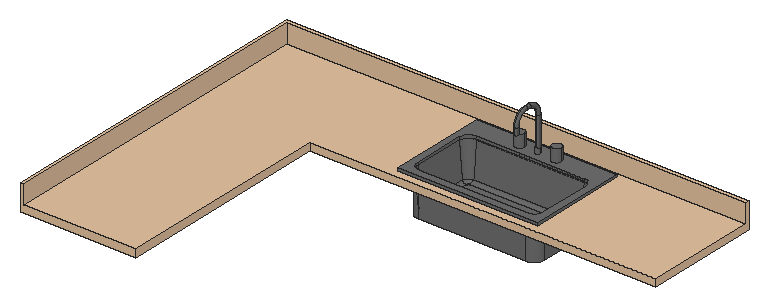
Revit family "M_Topo da bancada-Forma L com pia", category Componentes de gabinete, Revit 2019
Family settings
  Número OmniClass = 23.40.35.17.47.11
  Título OmniClass = Kitchen Casework
  ID de item do Seek = Counter Top-L Shaped w Sink-0000-CAN-ENU
  Com base no plano de trabalho = Não
  Sempre na vertical = Sim
  Corte com vazios quando carregada = Não
  Compartilhado = Sim
  Ponto de cálculo do ambiente = Não
Parameters (values of type "Profundidade 600 mm")
  Espessura da bancada = 40 mm
  Material do topo da bancada = none
  Linear = 625 mm
  Altura = 900 mm
  Comprimento - Perna 1 [instance] = 2500 mm
  Comprimento- Perna 2 [instance] = 1800 mm
  Localização da pia [instance] = 1100 mm
  Localização da pia em relação a parede [instance] = 160 mm
  Profundidade de abertura da pia [instance] = 380 mm
  Largura da abertura da pia [instance] = 690 mm
Reference planes
  plane 1 "Parte posterior": y = 0
  plane 2: z = 0
  plane 3 "Esquerda": x = -1200.462
  plane 4 "Direita": x = 1299.538
  plane 5 "Parte frontal": y = -625
  plane 6 "Superior": z = 900
  plane 7 "Topo do armário": z = 860
  plane 8: y = -19.05
  plane 9: z = 1001.6
  plane 10: x = -575.462
  plane 11: y = -1800
  plane 12: x = -1181.412
  plane 13: x = -100.462
  plane 14: x = 589.538
  plane 15: y = -160
  plane 16: y = -540
  plane 17: x = -100.462
  plane 18: x = 589.538
  plane 19: x = 244.538
Forms (mm)
  Extrusion 1, solid, material <- "Material do topo da bancada"
    sketch origin (0, 0, 0) x (1, 0, 0) y (0, 1, 0)
      loop
        line (-1200.462, 0) -> (-1200.462, -1800) -> (-575.462, -1800) -> (-575.462, -625) -> (1299.538, -625) -> (1299.538, 0) -> (-1200.462, 0)
      loop
        arc (-50.462, -160) -> (-85.818, -174.645) -> (-100.462, -210) r 50
        line (-100.462, -210) -> (-100.462, -490)
        arc (-100.462, -490) -> (-85.818, -525.355) -> (-50.462, -540) r 50
        line (-50.462, -540) -> (539.538, -540)
        arc (539.538, -540) -> (574.893, -525.355) -> (589.538, -490) r 50
        line (589.538, -490) -> (589.538, -210)
        arc (589.538, -210) -> (574.893, -174.645) -> (539.538, -160) r 50
        line (539.538, -160) -> (-50.462, -160)
    from 860 to 900
  Extrusion 2, solid, material <- "Material do topo da bancada"
    sketch origin (0, 0, 0) x (1, 0, 0) y (0, 1, 0)
      loop
        line (1299.538, 0) -> (-1200.462, 0) -> (-1200.462, -19.05) -> (1299.538, -19.05) -> (1299.538, 0)
    from 900 to 1001.6
  Extrusion 3, solid, material <- "Material do topo da bancada"
    sketch origin (0, 0, 0) x (1, 0, 0) y (0, 1, 0)
      loop
        line (-1200.462, -19.05) -> (-1200.462, -1800) -> (-1181.412, -1800) -> (-1181.412, -19.05) -> (-1200.462, -19.05)
    from 900 to 1001.6
Cuts and joins
  joined: Extrusion 1, Extrusion 2, Extrusion 3
Lines and regions (mm)
  Masking region 1
    outline origin (0, 0, 860) x (0, -1, 0) y (1, 0, 0)
      loop
        line (0, -1200.462) -> (1800, -1200.462) -> (1800, -575.462) -> (625, -575.462) -> (625, 1299.538) -> (0, 1299.538) -> (0, -1200.462)
  symbolic lines, style "Topo da bancada"
    curve 1: line (-1181.412, -19.05, 860) -> (1299.538, -19.05, 860)
    curve 2: line (-1181.412, -1800, 860) -> (-1181.412, -19.05, 860)
  symbolic lines, style "Abertura da pia"
    curve 3: line (-50.462, -160, 860) -> (539.538, -160, 860)
    curve 4: line (589.538, -210, 860) -> (589.538, -490, 860)
    curve 5: line (539.538, -540, 860) -> (-50.462, -540, 860)
    curve 6: line (-100.462, -490, 860) -> (-100.462, -210, 860)
    curve 7: arc (-100.462, -210, 860) -> (-85.818, -174.645, 860) -> (-50.462, -160, 860) r 50
    curve 8: arc (539.538, -160, 860) -> (574.893, -174.645, 860) -> (589.538, -210, 860) r 50
    curve 9: arc (589.538, -490, 860) -> (574.893, -525.355, 860) -> (539.538, -540, 860) r 50
    curve 10: arc (-50.462, -540, 860) -> (-85.818, -525.355, 860) -> (-100.462, -490, 860) r 50
Dimensions and locks
  "Linear": plane 5 "Parte frontal" to plane 1 "Parte posterior"
  "Comprimento - Perna 1": plane 3 "Esquerda" to plane 4 "Direita"
  "Altura": level to plane 6 "Superior"
  "Espessura da bancada": plane 7 "Topo do armário" to plane 6 "Superior"
  locked: plane 8 to plane 1 "Parte posterior" at 19.05
  plane 6 "Superior" to plane 9 = 101.6 mm
  "Linear": plane 3 "Esquerda" to plane 10
  "Comprimento- Perna 2": plane 11 to plane 1 "Parte posterior"
  locked: plane 3 "Esquerda" to plane 12 at 19.05
  "Localização da pia": plane 3 "Esquerda" to plane 13
  "Largura da abertura da pia": plane 13 to plane 14
  "Localização da pia em relação a parede": plane 15 to plane 1 "Parte posterior"
  "Profundidade de abertura da pia": plane 16 to plane 15
  "Localização da pia": plane 3 "Esquerda" to plane 17
  "Largura da abertura da pia": plane 17 to plane 18
  equal spacing: plane 17, plane 19, plane 18
  aligned and locked: plane 1 "Parte posterior" to Extrusion 1 sketch curve
  aligned and locked: plane 4 "Direita" to Extrusion 1 sketch curve
  aligned and locked: Extrusion 1 sketch curve to plane 5 "Parte frontal"
  aligned and locked: Extrusion 1 sketch curve to plane 3 "Esquerda"
  aligned and locked: plane 6 "Superior" to Extrusion 1
  aligned and locked: Extrusion 1 to plane 7 "Topo do armário"
  aligned and locked: Extrusion 2 sketch curve to plane 1 "Parte posterior"
  aligned and locked: plane 8 to Extrusion 2 sketch curve
  aligned and locked: Extrusion 2 sketch curve to plane 4 "Direita"
  aligned and locked: plane 3 "Esquerda" to Extrusion 2 sketch curve
  aligned and locked: Extrusion 2 to plane 9
  aligned and locked: Extrusion 2 to plane 6 "Superior"
  aligned and locked: plane 10 to Extrusion 1 sketch curve
  aligned and locked: plane 11 to Extrusion 1 sketch curve
  aligned and locked: plane 12 to Extrusion 3 sketch curve
  aligned and locked: Extrusion 3 to plane 8
  aligned and locked: plane 3 "Esquerda" to Extrusion 3
  aligned and locked: Extrusion 3 to plane 9
  aligned and locked: Extrusion 3 to plane 6 "Superior"
  aligned and locked: plane 14 to Extrusion 1 sketch curve
  aligned and locked: Extrusion 1 sketch curve to plane 13
  aligned and locked: plane 15 to Extrusion 1 sketch curve
  aligned and locked: Extrusion 1 sketch curve to plane 16
  aligned and locked: plane 19 to nested 1
  aligned and locked: nested 1 to cut or joined group of Extrusion 1, Extrusion 2, Extrusion 3
  aligned and locked: nested 1 to plane 6 "Superior"
  aligned and locked: plane 1 "Parte posterior" to Masking region 1 sketch curve
  aligned and locked: plane 4 "Direita" to Masking region 1 sketch curve
  aligned and locked: Masking region 1 sketch curve to plane 3 "Esquerda"
  aligned and locked: plane 5 "Parte frontal" to Masking region 1 sketch curve
  aligned and locked: Masking region 1 sketch curve to plane 10
Automatic sketch dimensions
  plane 3 "Esquerda" to Extrusion 3 sketch curve = 0 mm
  plane 11 to Extrusion 3 sketch curve = 0 mm
  plane 1 "Parte posterior" to Extrusion 3 sketch curve = 19.05 mm
  Extrusion 1 sketch curve to plane 13 = 50 mm  (x2)
  Extrusion 1 sketch curve to Extrusion 1 sketch curve = 50 mm
  plane 14 to Extrusion 1 sketch curve = 50 mm
  curve 1 to plane 4 "Direita" = 0 mm
  curve 1 to plane 8 = 0 mm
  curve 2 to plane 11 = 0 mm
  curve 1 to plane 3 "Esquerda" = 19.05 mm
  curve 7 to plane 17 = 0 mm
  curve 9 to plane 18 = 0 mm
  plane 18 to curve 8 = 50 mm
  plane 8 to curve 8 = 140.95 mm
  curve 3 to curve 7 = 50 mm
  curve 6 to plane 5 "Parte frontal" = 135 mm
  plane 18 to curve 9 = 50 mm
  curve 10 to curve 5 = 50 mm
  Masking region 1 sketch curve to plane 11 = 0 mm
Nested families
  nested 1: "M_Pia da cozinha-Simples" at (228.848, -315.545, 0), type "760 x 535mm"
    with Altura do balcão 900 mm, Linear 535 mm, Largura 760 mm
Definition of nested family "M_Pia da cozinha-Simples"
  Parameters
    Altura do balcão [instance] = 900 mm
    Linear = 600 mm
    Material hidráulico = none
    Material da pia = none
    Largura = 900 mm
  Reference planes
    plane 1 "Centro (Frente/Trás)": y = 2.345
    plane 2: z = 0
    plane 3 "Centro (Esquerda/Direita)": x = 15.689
    plane 4: y = 302.345
    plane 5: y = -297.655
    plane 6: x = -434.311
    plane 7: x = 465.689
    plane 8 "Topo do balcão": z = 900
    plane 9: z = 912.7
    plane 10: z = 684.1
    plane 11: y = 188.045
    plane 12: x = -396.211
    plane 13: y = -259.555
    plane 14: x = 427.589
    plane 15: x = -84.311
    plane 16: x = 115.689
    plane 17: y = 245.195
    plane 18: y = 245.195
    plane 19: y = 245.195
    plane 20: z = 1163.525
    plane 21: y = 95.97
    plane 22: z = 976.2
    plane 23: z = 938.1
  Forms (mm)
    Extrusion 1, solid, material <- "Material da pia"
      sketch origin (0, 0, 0) x (1, 0, 0) y (0, 1, 0)
        loop
          line (-434.311, 302.345) -> (-434.311, -297.655) -> (465.689, -297.655) -> (465.689, 302.345) -> (-434.311, 302.345)
        loop
          arc (-345.411, 188.045) -> (-381.332, 173.166) -> (-396.211, 137.245) r 50.8
          line (-396.211, 137.245) -> (-396.211, -208.755)
          arc (-396.211, -208.755) -> (-381.332, -244.676) -> (-345.411, -259.555) r 50.8
          line (-345.411, -259.555) -> (376.789, -259.555)
          arc (376.789, -259.555) -> (412.71, -244.676) -> (427.589, -208.755) r 50.8
          line (427.589, -208.755) -> (427.589, 137.245)
          arc (427.589, 137.245) -> (412.71, 173.166) -> (376.789, 188.045) r 50.8
          line (376.789, 188.045) -> (-345.411, 188.045)
      from 900 to 912.7
    Sweep 2, solid, material <- "Material da pia"
      path origin (0, 0, 0) x (1, 0, 0) y (0, 1, 0)
        loop
          arc (-345.411, 188.045) -> (-381.332, 173.166) -> (-396.211, 137.245) r 50.8
          line (-396.211, 137.245) -> (-396.211, -208.755)
          arc (-396.211, -208.755) -> (-381.332, -244.676) -> (-345.411, -259.555) r 50.8
          line (-345.411, -259.555) -> (376.789, -259.555)
          arc (376.789, -259.555) -> (412.71, -244.676) -> (427.589, -208.755) r 50.8
          line (427.589, -208.755) -> (427.589, 137.245)
          arc (427.589, 137.245) -> (412.71, 173.166) -> (376.789, 188.045) r 50.8
          line (376.789, 188.045) -> (-345.411, 188.045)
      profile origin (15.689, 0, 0) x (0, 1, 0) y (0, 0, 1)
        loop
          line (188.045, 900) -> (171.511, 711.015)
          arc (171.511, 711.015) -> (165.404, 698.63) -> (152.534, 693.625) r 19.05
          line (152.534, 693.625) -> (149.945, 693.625) -> (149.945, 684.1) -> (194.395, 684.1) -> (194.395, 900) -> (188.045, 900)
    Extrusion 3, solid, material <- "Material da pia"
      sketch origin (0, 0, 0) x (1, 0, 0) y (0, 1, 0)
        loop
          arc (-345.411, 149.945) -> (-354.391, 146.226) -> (-358.111, 137.245) r 12.7
          line (-358.111, 137.245) -> (-358.111, -208.755)
          arc (-358.111, -208.755) -> (-354.391, -217.735) -> (-345.411, -221.455) r 12.7
          line (-345.411, -221.455) -> (376.789, -221.455)
          arc (376.789, -221.455) -> (385.769, -217.735) -> (389.489, -208.755) r 12.7
          line (389.489, -208.755) -> (389.489, 137.245)
          arc (389.489, 137.245) -> (385.769, 146.226) -> (376.789, 149.945) r 12.7
          line (376.789, 149.945) -> (-345.411, 149.945)
        loop
          circle (15.689, 0) r 25.4
      from 684.1 to 693.625
    Extrusion 4, solid, material <- "Material hidráulico"
      sketch origin (0, 0, 0) x (1, 0, 0) y (0, 1, 0)
        loop
          circle (-84.311, 245.195) r 25.4
        loop
          circle (115.689, 245.195) r 25.4
      from 912.7 to 976.2
    Sweep 5, solid, material <- "Material hidráulico"
      path origin (15.689, 0, 0) x (0, 1, 0) y (0, 0, 1)
        loop
          line (245.195, 912.7) -> (245.195, 1100.025)
          arc (245.195, 1100.025) -> (226.597, 1144.926) -> (181.695, 1163.525) r 63.5
          line (181.695, 1163.525) -> (159.47, 1163.525)
          arc (159.47, 1163.525) -> (114.569, 1144.926) -> (95.97, 1100.025) r 63.5
          line (95.97, 1100.025) -> (95.97, 1065.1)
      profile origin (15.689, 0, 1006.363) x (0, -1, 0) y (1, 0, 0)
        loop
          circle (-245.195, 0) r 9.525
    Extrusion 6, solid, material <- "Material hidráulico"
      sketch origin (0, 0, 0) x (1, 0, 0) y (0, 1, 0)
        loop
          circle (15.689, 245.195) r 12.7
      from 912.7 to 938.1
  Cuts and joins
    joined: Sweep 5, Extrusion 6
    joined: Sweep 2, Extrusion 3
  Lines and regions (mm)
    Masking region 1
      outline origin (0, 0, 900) x (0, -1, 0) y (1, 0, 0)
        loop
          line (-302.345, -434.311) -> (297.655, -434.311) -> (297.655, 465.689) -> (-302.345, 465.689) -> (-302.345, -434.311)
    symbolic lines
      curve 1: arc (41.089, 0, 900) -> (15.689, 25.4, 900) -> (-9.711, 0, 900) r 25.4
      curve 2: arc (-9.711, 0, 900) -> (15.689, -25.4, 900) -> (41.089, 0, 900) r 25.4
      curve 3: line (-396.211, 137.245, 900) -> (-396.211, -208.755, 900)
      curve 4: line (-345.411, -259.555, 900) -> (376.789, -259.555, 900)
      curve 5: line (427.589, -208.755, 900) -> (427.589, 137.245, 900)
      curve 6: line (376.789, 188.045, 900) -> (28.389, 188.045, 900)
      curve 7: arc (427.589, 137.245, 900) -> (412.71, 173.166, 900) -> (376.789, 188.045, 900) r 50.8
      curve 8: arc (376.789, -259.555, 900) -> (412.71, -244.676, 900) -> (427.589, -208.755, 900) r 50.8
      curve 9: arc (-396.211, -208.755, 900) -> (-381.332, -244.676, 900) -> (-345.411, -259.555, 900) r 50.8
      curve 10: arc (-345.411, 188.045, 900) -> (-381.332, 173.166, 900) -> (-396.211, 137.245, 900) r 50.8
      curve 11: arc (28.389, 245.195, 900) -> (15.689, 257.895, 900) -> (2.989, 245.195, 900) r 12.7
      curve 12: line (2.989, 245.195, 900) -> (2.989, 53.145, 900)
      curve 13: line (28.389, 245.195, 900) -> (28.389, 53.145, 900)
      curve 14: arc (28.389, 53.145, 900) -> (15.689, 40.445, 900) -> (2.989, 53.145, 900) r 12.7
      curve 15: line (2.989, 188.045, 900) -> (-345.411, 188.045, 900)
      curve 16: arc (-58.911, 245.195, 900) -> (-84.311, 270.595, 900) -> (-109.711, 245.195, 900) r 25.4
      curve 17: arc (-109.711, 245.195, 900) -> (-84.311, 219.795, 900) -> (-58.911, 245.195, 900) r 25.4
      curve 18: arc (90.289, 245.195, 900) -> (115.689, 219.795, 900) -> (141.089, 245.195, 900) r 25.4
      curve 19: arc (141.089, 245.195, 900) -> (115.689, 270.595, 900) -> (90.289, 245.195, 900) r 25.4
  Dimensions and locks
    equal spacing: plane 6, plane 3 "Centro (Esquerda/Direita)", plane 7
    "Largura": plane 6 to plane 7
    equal spacing: plane 5, plane 1 "Centro (Frente/Trás)", plane 4
    "Linear": plane 5 to plane 4
    "Altura do balcão": plane 8 "Topo do balcão" to plane 2
    locked: plane 9 to plane 8 "Topo do balcão" at 12.7
    locked: plane 8 "Topo do balcão" to plane 10 at 215.9
    locked: plane 6 to plane 12 at 38.1
    locked: plane 14 to plane 7 at 38.1
    locked: plane 11 to plane 4 at 114.3
    locked: plane 5 to plane 13 at 38.1
    equal spacing: plane 11, plane 17, plane 4
    equal spacing: plane 11, plane 18, plane 4
    equal spacing: plane 4, plane 19, plane 11
    locked: plane 19 to plane 21 at 149.225
    locked: plane 20 to plane 9 at 250.825
    locked: plane 22 to plane 9 at 63.5
    locked: plane 23 to plane 9 at 25.4
    locked: plane 15 to plane 3 "Centro (Esquerda/Direita)" at 100
    locked: plane 3 "Centro (Esquerda/Direita)" to plane 16 at 100
    aligned and locked: Extrusion 1 sketch curve to plane 5
    aligned and locked: plane 7 to Extrusion 1 sketch curve
    aligned and locked: plane 4 to Extrusion 1 sketch curve
    aligned and locked: Extrusion 1 sketch curve to plane 6
    aligned and locked: plane 8 "Topo do balcão" to Extrusion 1
    aligned and locked: Extrusion 1 to plane 9
    aligned and locked: plane 11 to Extrusion 1 sketch curve
    aligned and locked: plane 14 to Extrusion 1 sketch curve
    aligned and locked: Extrusion 1 sketch curve to plane 12
    aligned and locked: Extrusion 1 sketch curve to plane 13
    aligned and locked: plane 11 to Sweep 2 sketch curve
    aligned and locked: plane 14 to Sweep 2 sketch curve
    aligned and locked: Sweep 2 sketch curve to plane 12
    aligned and locked: Sweep 2 sketch curve to plane 13
    aligned and locked: Sweep 2 to Extrusion 3 sketch curve  (x4)
    aligned and locked: Sweep 2 to Extrusion 3
    aligned and locked: plane 10 to Extrusion 3
    aligned and locked: Sweep 2 sketch curve to plane 10
    aligned and locked: plane 8 "Topo do balcão" to Sweep 2 sketch curve
    aligned and locked: Extrusion 4 to Extrusion 1
    aligned and locked: Extrusion 6 to Extrusion 1
    aligned and locked: Sweep 5 sketch curve to plane 19
    aligned and locked: plane 20 to Sweep 5 sketch curve
    aligned and locked: plane 21 to Sweep 5 sketch curve
    aligned and locked: Extrusion 4 to plane 22
    aligned and locked: Extrusion 6 to plane 23
    aligned and locked: plane 7 to Masking region 1 sketch curve
    aligned and locked: plane 4 to Masking region 1 sketch curve
    aligned and locked: Masking region 1 sketch curve to plane 6
    aligned and locked: Masking region 1 sketch curve to plane 5
    aligned and locked: plane 15 to Extrusion 4 sketch curve
    aligned and locked: plane 17 to Extrusion 4 sketch curve  (x2)
    aligned and locked: plane 16 to Extrusion 4 sketch curve
    aligned and locked: curve 16 to Extrusion 4
    aligned and locked: curve 18 to Extrusion 4
    aligned: curve 19 to Extrusion 4
  Automatic sketch dimensions
    Sweep 2 sketch curve to plane 12 = 50.8 mm
    Sweep 2 sketch curve to Sweep 2 sketch curve = 50.8 mm
    plane 11 to Sweep 2 sketch curve = 50.8 mm
    plane 14 to Sweep 2 sketch curve = 50.8 mm
    Extrusion 1 sketch curve to plane 12 = 50.8 mm  (x2)
    plane 14 to Extrusion 1 sketch curve = 50.8 mm  (x2)
    Extrusion 3 sketch curve to plane 3 "Centro (Esquerda/Direita)" = 0 mm
    Extrusion 3 sketch curve to Extrusion 3 sketch curve = 12.7 mm  (x4)
    plane 1 "Centro (Frente/Trás)" to Extrusion 3 sketch curve = 2.345 mm
    Extrusion 3 sketch curve to plane 3 "Centro (Esquerda/Direita)" = 25.4 mm
    Sweep 2 sketch curve to profile plane = 0 mm
    profile plane to Sweep 2 sketch curve = 16.534 mm
    Sweep 2 sketch curve to Sweep 2 sketch curve = 18.978 mm
    Sweep 2 sketch curve to Sweep 2 sketch curve = 2.588 mm
    Sweep 2 sketch curve to profile plane = 6.35 mm
    Sweep 2 sketch curve to Sweep 2 sketch curve = 9.525 mm
    Sweep 2 sketch curve to Sweep 2 sketch curve = 17.39 mm
    plane 15 to Extrusion 4 sketch curve = 25.4 mm
    plane 16 to Extrusion 4 sketch curve = 25.4 mm
    Sweep 5 sketch curve to plane 3 "Centro (Esquerda/Direita)" = 0 mm
    Sweep 5 sketch curve to profile plane = 0 mm
    profile plane to Sweep 5 sketch curve = 9.525 mm
    Extrusion 6 sketch curve to plane 18 = 0 mm
    Extrusion 6 sketch curve to plane 3 "Centro (Esquerda/Direita)" = 0 mm
    Extrusion 6 sketch curve to plane 3 "Centro (Esquerda/Direita)" = 12.7 mm
    Sweep 5 sketch curve to plane 9 = 0 mm
    Sweep 5 sketch curve to Sweep 5 sketch curve = 63.5 mm
    plane 11 to Sweep 5 sketch curve = 6.35 mm
    Sweep 5 sketch curve to Sweep 5 sketch curve = 34.925 mm
    curve 15 to plane 11 = 0 mm
    curve 6 to plane 11 = 0 mm
    curve 5 to plane 14 = 0 mm
    curve 3 to plane 12 = 0 mm
    curve 14 to plane 3 "Centro (Esquerda/Direita)" = 0 mm
    curve 2 to plane 3 "Centro (Esquerda/Direita)" = 0 mm
    curve 9 to plane 13 = 0 mm
    plane 4 to curve 11 = 57.15 mm
    plane 11 to curve 7 = 50.8 mm
    plane 11 to curve 10 = 50.8 mm
    curve 13 to plane 1 "Centro (Frente/Trás)" = 50.8 mm
    plane 1 "Centro (Frente/Trás)" to curve 1 = 2.345 mm
    curve 3 to plane 13 = 50.8 mm
    curve 8 to plane 13 = 50.8 mm
    curve 2 to plane 3 "Centro (Esquerda/Direita)" = 25.4 mm
    curve 15 to plane 3 "Centro (Esquerda/Direita)" = 12.7 mm
